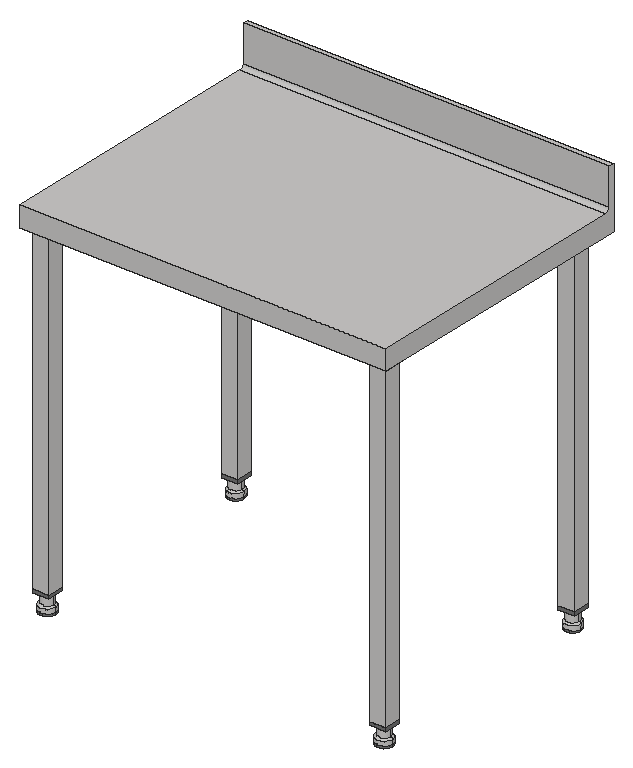
Revit family "QF_ZANUSSI_133231_TG900MHBN", category Attrezzature speciali, Revit 2020
Family settings
  Quota connettore circolare = Usa diametro
  Tipo di parte = Normale
  Basato su piano di lavoro = No
  Sempre verticale = Sì
  Taglio con vuoti quando caricato = No
  Condiviso = No
  Punto di calcolo locali = No
Parameters (values of type "Standard")
  Weight = 30.00 kg
  Watts = 0 W
  Volts = 0 V
  URL Manufacturer = "http://www.zanussiprofessional.com"
  URL = "http://www.zanussiprofessional.com"
  Steam Supply Size = 0 mm
  Steam Supply Minimum Pressure = 0.0 Pa
  Steam Supply Maximum Pressure = 0.0 Pa
  Steam Consumption per Hour = 0
  Refrigeration Suction Line Size = 0.0 mm
  Refrigeration Liquid Line Size = 0.0 mm
  Refrigerant Compressor Remote = yes
  Prospetto di default = 0.0 mm
  Produttore = "Zanussi"
  Phase = 0
  Modello = "TG900MHBN"
  Length Actual = 900.0 mm  # constant formula
  Item Number = "133231"
  Hot Water Size = 0 mm
  Height Actual = 1000.0 mm  # constant formula
  HP = "0 HP"
  Gas Size = 0 mm
  Gas KW = 0
  Gas Input Pressure = 0 W
  Direct Waste Size = 0 mm
  Descrizione = "WORK TABLE WITH UPSTAND 900 MM"
  Depth Actual = 700.0 mm  # constant formula
  Cycle = 0 Hz
  Condensate Return Size = 0 mm
  Compressed Air Volume = 0.0 L/s
  Compressed Air Size = 0 mm
  Compressed Air Pressure = 0.0 Pa
  Cold Water Size = 0 mm
  Accessory = yes
Reference planes
  plane 1 "Center (Front/Back)": y = 0
  plane 2: z = 0
  plane 3 "Center (Left/Right)": x = 50
  plane 4 "LEFT": x = -400
  plane 5 "RIGHT": x = 500
  plane 6 "BACK": y = 350
  plane 7 "FRONT": y = -350
  plane 8 "Base": z = 850
  plane 9 "TOP": z = 900
  plane 10: x = -364.5
  plane 11: x = 464.5
  plane 12: y = 269.5
  plane 13: y = -310.5
Forms (mm)
  Extrusion 1, solid, material "QF_Finishes_Stainless Steel"
    sketch origin (50, 0, 0) x (0, 1, 0) y (0, 0, 1)
      loop
        line (-350, 850) -> (350, 850) -> (350, 1000) -> (337, 1000) -> (337, 910)
        arc (337, 910) -> (334.071, 902.929) -> (327, 900) r 10
        line (327, 900) -> (-350, 900) -> (-350, 850)
    from 450 to -450
Lines and regions (mm)
  symbolic lines
    curve 1: line (500, 350, 900) -> (-400, 350, 900)
    curve 2: line (-400, 350, 900) -> (-400, -350, 900)
    curve 3: line (-400, -350, 900) -> (500, -350, 900)
    curve 4: line (500, -350, 900) -> (500, 350, 900)
    curve 5: line (500, 337, 900) -> (-400, 337, 900)
Dimensions and locks
  plane 4 "LEFT" to plane 5 "RIGHT" = 900.0 mm
  equal spacing: plane 4 "LEFT", plane 3 "Center (Left/Right)", plane 5 "RIGHT"
  locked: plane 8 "Base" to level at 850
  plane 4 "LEFT" to plane 10 = 35.5 mm
  plane 11 to plane 5 "RIGHT" = 35.5 mm
  plane 10 to plane 11 = 829.0 mm
  locked: Extrusion 1 to level at 1000
  plane 9 "TOP" to level = 900.0 mm
  plane 6 "BACK" to plane 12 = 80.5 mm
  plane 13 to plane 7 "FRONT" = 39.5 mm
  plane 6 "BACK" to plane 7 "FRONT" = 700.0 mm
  plane 12 to plane 13 = 580.0 mm
  equal spacing: plane 6 "BACK", plane 1 "Center (Front/Back)", plane 7 "FRONT"
  aligned and locked: level to plane 2
  aligned and locked: plane 10 to nested 1
  aligned and locked: nested 1 to plane 13
  aligned and locked: plane 11 to nested 2
  aligned and locked: nested 2 to plane 13
  aligned and locked: plane 11 to nested 4
  aligned and locked: nested 4 to plane 12
  aligned and locked: plane 10 to nested 3
  aligned and locked: nested 3 to plane 12
  aligned and locked: Extrusion 1 to plane 4 "LEFT"
  aligned and locked: plane 5 "RIGHT" to Extrusion 1
  aligned and locked: curve 2 to plane 4 "LEFT"
Automatic sketch dimensions
  Extrusion 1 sketch curve to plane 7 "FRONT" = 0.0 mm
  Extrusion 1 sketch curve to plane 9 "TOP" = 0.0 mm
  Extrusion 1 sketch curve to plane 6 "BACK" = 0.0 mm
  Extrusion 1 sketch curve to plane 8 "Base" = 0.0 mm
  plane 9 "TOP" to Extrusion 1 sketch curve = 10.0 mm
  Extrusion 1 sketch curve to plane 6 "BACK" = 13.0 mm
  Extrusion 1 sketch curve to Extrusion 1 sketch curve = 90.0 mm
  curve 3 to plane 7 "FRONT" = 0.0 mm
  curve 5 to plane 5 "RIGHT" = 0.0 mm
  curve 4 to plane 6 "BACK" = 0.0 mm
  curve 5 to plane 6 "BACK" = 13.0 mm
Nested families
  nested 1: "FEET_40x40_APP42" at (-364.5, -310.5, 0), type "FEET_40x40_APP42"
  nested 2: "FEET_40x40_APP42" at (464.5, -310.5, 0), type "FEET_40x40_APP42"
  nested 3: "FEET_40x40_APP42" at (-364.5, 269.5, 0), type "FEET_40x40_APP42"
  nested 4: "FEET_40x40_APP42" at (464.5, 269.5, 0), type "FEET_40x40_APP42"
Definition of nested family "FEET_40x40_APP42"
  Parameters
    Default Elevation = 0.0 mm
    FEET = 850.0 mm
  Reference planes
    plane 1 "Center (Front/Back)": y = 0
    plane 2: z = 0
    plane 3 "Center (Left/Right)": x = 0
    plane 4: z = 850
  Forms (mm)
    Extrusion 1, solid
      sketch origin (0, 0, 0) x (1, 0, 0) y (0, 1, 0)
        loop
          line (-20, -20) -> (20, -20) -> (20, 20) -> (-20, 20) -> (-20, -20)
      from 50 to 845
    Extrusion 2, solid
      sketch origin (0, 0, 0) x (1, 0, 0) y (0, 1, 0)
        loop
          circle (0, 0) r 20
      from 0 to 5
    Extrusion 3, solid
      sketch origin (0, 0, 0) x (1, 0, 0) y (0, 1, 0)
        loop
          line (30, 30) -> (-30, 30) -> (-30, -30) -> (30, -30) -> (30, 30)
      from 845 to 850
    Extrusion 4, solid
      sketch origin (0, 0, 0) x (1, 0, 0) y (0, 1, 0)
        loop
          line (-20, -20) -> (20, -20) -> (20, 20) -> (-20, 20) -> (-20, -20)
      from 50 to 42
    Revolve 5, solid
      sketch origin (0, 0, 0) x (1, 0, 0) y (0, 0, 1)
        loop
          line (0, 42) -> (-15, 42) -> (-15, 20) -> (-20, 15) -> (-20, 5) -> (0, 5) -> (0, 42)
        axis (0, 42) -> (0, 5)
      angle from 0 to 360
  Lines and regions (mm)
    symbolic lines
      curve 1: line (0, -1.503, 0) -> (0, 1.508, 0)
      curve 2: line (1.561, 0, 0) -> (-1.439, 0, 0)
  Dimensions and locks
    "FEET": plane 4 to plane 2
    aligned and locked: level to plane 2
  Automatic sketch dimensions
    plane 1 "Center (Front/Back)" to curve 2 = 0.0 mm
    curve 1 to plane 3 "Center (Left/Right)" = 0.0 mm
    curve 2 to plane 3 "Center (Left/Right)" = 1.439 mm
    plane 3 "Center (Left/Right)" to curve 2 = 1.561 mm
    plane 1 "Center (Front/Back)" to curve 1 = 1.503 mm
    curve 1 to plane 1 "Center (Front/Back)" = 1.508 mm
    Extrusion 1 sketch curve to plane 3 "Center (Left/Right)" = 20.0 mm
    plane 3 "Center (Left/Right)" to Extrusion 1 sketch curve = 20.0 mm
    plane 1 "Center (Front/Back)" to Extrusion 1 sketch curve = 20.0 mm
    Extrusion 1 sketch curve to plane 1 "Center (Front/Back)" = 20.0 mm
    plane 1 "Center (Front/Back)" to Extrusion 2 sketch curve = 0.0 mm
    Extrusion 2 sketch curve to plane 3 "Center (Left/Right)" = 0.0 mm
    Extrusion 3 sketch curve to plane 3 "Center (Left/Right)" = 30.0 mm
    plane 3 "Center (Left/Right)" to Extrusion 3 sketch curve = 30.0 mm
    plane 1 "Center (Front/Back)" to Extrusion 3 sketch curve = 30.0 mm
    Extrusion 3 sketch curve to plane 1 "Center (Front/Back)" = 30.0 mm
    Extrusion 4 sketch curve to plane 3 "Center (Left/Right)" = 20.0 mm
    plane 3 "Center (Left/Right)" to Extrusion 4 sketch curve = 20.0 mm
    plane 1 "Center (Front/Back)" to Extrusion 4 sketch curve = 20.0 mm
    Extrusion 4 sketch curve to plane 1 "Center (Front/Back)" = 20.0 mm
    Revolve 5 sketch curve to plane 3 "Center (Left/Right)" = 0.0 mm  (x2)
    Revolve 5 sketch curve to plane 3 "Center (Left/Right)" = 15.0 mm
    Revolve 5 sketch curve to Revolve 5 sketch curve = 5.0 mm  (x3)
    level to Revolve 5 sketch curve = 5.0 mm
    Revolve 5 sketch curve to Revolve 5 sketch curve = 10.0 mm
    Revolve 5 sketch curve to Revolve 5 sketch curve = 22.0 mm
    Revolve 5 sketch curve to level = 9.561 mm
    radius of Extrusion 2 sketch curve = 20.0 mm
